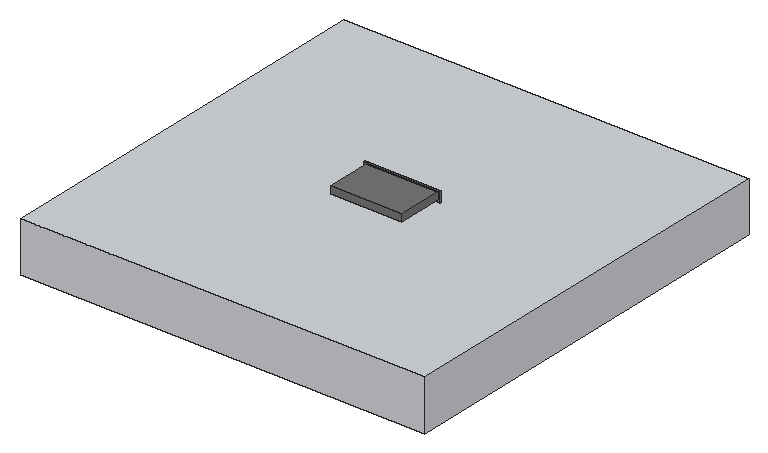
Revit family "r2016_omelta_ariya-ts-bro-rm-2-120", category Устройства вызова и оповещения, Revit 2016
Family settings
  Основа = Грань
  Сохранять ориентацию аннотаций = Да
  Тип детали = Нормальный
  Размер круглого соединителя = Использовать диаметр
  При загрузке вырезать с полостями = Нет
  Общий = Нет
  Точка расчета площади = Нет
Parameters (values of type "АРИЯ-ТС-БРО-РМ-2-120")
  Стоимость = 0
  Разработано [instance] = "«support@bimlib.ru»"  # constant formula
  Default Elevation = 2600 mm
  Изготовитель = "ООО «Электротехника и Автоматика»"  # constant formula
  Z [instance] = 1000 mm
  Y [instance] = 1100 mm
  X [instance] = 1000 mm
  URL = "https://omelta.com/store/163-ariya_ts_bro_rm_2_120/"
  ADSK_Этаж [instance] = ""
  ADSK_Ток = 1.82 A
  ADSK_Примечание [instance] = ""
  ADSK_Позиция [instance] = ""
  ADSK_Обозначение [instance] = "АРИЯ-ТС-БРО-РМ-2-120"
  ADSK_Номинальная мощность = ADSK_Напряжение * ADSK_Ток  # 400.4 VA
  ADSK_Напряжение = 220 V
  ADSK_Наименование [instance] = "Блок речевого оповещателя, IP 40"
  ADSK_Масса [instance] = 4
  ADSK_Марка [instance] = ADSK_Обозначение  # "АРИЯ-ТС-БРО-РМ-2-120"
  ADSK_Коэффициент мощности = 0
  ADSK_Код изделия [instance] = "ТУ 4372-015-49518441-15"
  ADSK_Классификация нагрузок = none
  ADSK_Завод-изготовитель [instance] = "ООО «Электротехника и Автоматика»"  # constant formula
  ADSK_Единица измерения = "шт."
Reference planes
  plane 1 "По центру (Вперед/Назад)": y = 0
  plane 2: z = 0
  plane 3 "По центру (Влево/Вправо)": x = 0
  plane 4: z = -1000
  plane 5: x = 1000
  plane 6: y = 1000
Forms (mm)
  Extrusion 1, solid
    sketch origin (0, 0, 0) x (1, 0, 0) y (0, 1, 0)
      loop
        line (-1219.2, 1219.2) -> (-1219.2, -1219.2) -> (1219.2, -1219.2) -> (1219.2, 1219.2) -> (-1219.2, 1219.2)
    from 0 to -304.8
  Extrusion 2, solid, material "По умолчанию", detail levels medium+fine
    sketch origin (0, 282.697, -153.3) x (0, 1, 0) y (0, 0, 1)
      loop
        line (-148.197, 206.3) -> (-420.197, 206.3) -> (-420.197, 161.3) -> (-148.197, 161.3) -> (-148.197, 206.3)
    from -215 to 215
  Extrusion 3, solid, material "По умолчанию", not visible, detail levels medium+fine
    sketch origin (0, 0, -26) x (0, 1, 0) y (0, 0, 1)
      loop
        line (-148.197, 206.3) -> (-420.197, 206.3) -> (-420.197, 161.3) -> (-148.197, 161.3) -> (-148.197, 206.3)
    from -215 to 215
  Extrusion 4, solid, material "По умолчанию", detail levels fine
    sketch origin (0, 0, -27) x (1, 0, 0) y (0, 0, 1)
      loop
        line (-230, 27) -> (230, 27) -> (230, 88) -> (-230, 88) -> (-230, 27)
    from -134.5 to -137.485
  Extrusion 5, solid, material "По умолчанию", not visible, detail levels fine
    sketch origin (0, -282.697, 100.3) x (1, 0, 0) y (0, 0, 1)
      loop
        line (-230, 27) -> (230, 27) -> (230, 88) -> (-230, 88) -> (-230, 27)
    from -134.5 to -137.485
Lines and regions (mm)
  model lines, detail levels coarse
    curve 1: line (79.962, 0, 200) -> (-79.962, 0, 200)
    curve 2: line (-34, 0, 100) -> (34, 0, 100)
    curve 13: line (-79.962, 0, 200) -> (-79.962, 0, 100)
    curve 14: line (-79.962, 0, 100) -> (79.962, 0, 100)
    curve 15: line (-79.962, 0, 150) -> (79.962, 0, 150)
    curve 16: line (-79.962, 0, 145) -> (79.962, 0, 145)
    curve 17: line (-79.962, 0, 140) -> (79.962, 0, 140)
    curve 18: line (-79.962, 0, 135) -> (79.962, 0, 135)
    curve 19: line (-79.962, 0, 130) -> (79.962, 0, 130)
    curve 20: line (-79.962, 0, 125) -> (79.962, 0, 125)
    curve 21: line (-79.962, 0, 120) -> (79.962, 0, 120)
    curve 22: line (-79.962, 0, 115) -> (79.962, 0, 115)
    curve 23: line (-79.962, 0, 110) -> (79.962, 0, 110)
    curve 24: line (-79.962, 0, 105) -> (79.962, 0, 105)
    curve 25: line (-79.962, 0, 100) -> (79.962, 0, 100)
  model lines, not visible, detail levels coarse
    curve 3: line (79.962, 0, 293.803) -> (-79.962, 0, 293.803)
    curve 4: line (-34, 0, 193.803) -> (34, 0, 193.803)
    curve 27: line (-79.962, 0, 293.803) -> (-79.962, 0, 193.803)
    curve 28: line (-79.962, 0, 193.803) -> (79.962, 0, 193.803)
    curve 29: line (-79.962, 0, 243.803) -> (79.962, 0, 243.803)
    curve 30: line (-79.962, 0, 238.803) -> (79.962, 0, 238.803)
    curve 31: line (-79.962, 0, 233.803) -> (79.962, 0, 233.803)
    curve 32: line (-79.962, 0, 228.803) -> (79.962, 0, 228.803)
    curve 33: line (-79.962, 0, 223.803) -> (79.962, 0, 223.803)
    curve 34: line (-79.962, 0, 218.803) -> (79.962, 0, 218.803)
    curve 35: line (-79.962, 0, 213.803) -> (79.962, 0, 213.803)
    curve 36: line (-79.962, 0, 208.803) -> (79.962, 0, 208.803)
    curve 37: line (-79.962, 0, 203.803) -> (79.962, 0, 203.803)
    curve 38: line (-79.962, 0, 198.803) -> (79.962, 0, 198.803)
    curve 39: line (-79.962, 0, 193.803) -> (79.962, 0, 193.803)
  model lines, style "InvisibleLines", not visible, detail levels coarse
    curve 5: line (79.962, 0, 100) -> (-79.962, 0, 100)
    curve 6: line (0, 0, 163.197) -> (0, 0, 100)
    curve 7: line (79.962, 0, 193.803) -> (-79.962, 0, 193.803)
    curve 8: line (0, 0, 257) -> (0, 0, 193.803)
  reference lines
    curve 9: line (34, 0, 100) -> (-41, 0, 100)
    curve 10: line (0, 0, 100) -> (0, 0, 175)
    curve 11: line (83.147, 0, 34.666) -> (-101.853, 0, 34.666)
  model lines, style "NurseCallDevices", detail levels coarse
    curve 12: line (79.962, 0, 200) -> (79.962, 0, 100)
  model lines, style "NurseCallDevices", not visible, detail levels coarse
    curve 26: line (79.962, 0, 293.803) -> (79.962, 0, 193.803)
Dimensions and locks
  "Y": curve 9 to plane 4
  "X": plane 5 to curve 10
  "Z": curve 11 to plane 6
  aligned and locked: plane 2 to Extrusion 1
  aligned and locked: level to Extrusion 1
  aligned and locked: curve 5 to curve 2
  aligned and locked: curve 7 to curve 4
  aligned and locked: curve 5 to curve 9
  aligned and locked: curve 10 to curve 6
  aligned and locked: curve 11 to curve 2
Automatic sketch dimensions
  Extrusion 1 sketch curve to Extrusion 1 sketch curve = 2438.4 mm  (x2)
  Extrusion 2 sketch curve to Extrusion 2 sketch curve = 272 mm
  Extrusion 2 sketch curve to Extrusion 2 sketch curve = 45 mm
  Extrusion 4 sketch curve to Extrusion 4 sketch curve = 460 mm
  Extrusion 4 sketch curve to Extrusion 4 sketch curve = 61 mm
  Extrusion 3 sketch curve to Extrusion 3 sketch curve = 272 mm
  Extrusion 3 sketch curve to Extrusion 3 sketch curve = 45 mm
  Extrusion 5 sketch curve to Extrusion 5 sketch curve = 460 mm
  Extrusion 5 sketch curve to Extrusion 5 sketch curve = 61 mm
  curve 11 to plane 3 "По центру (Влево/Вправо)" = 101.853 mm
  plane 3 "По центру (Влево/Вправо)" to curve 11 = 83.147 mm
  curve 9 to curve 10 = 41 mm
  plane 3 "По центру (Влево/Вправо)" to curve 9 = 34 mm
  curve 10 to curve 10 = 75 mm
  curve 1 to curve 2 = 45.962 mm
  curve 2 to curve 2 = 68 mm
  curve 2 to curve 1 = 100 mm
  curve 2 to curve 1 = 45.962 mm
  curve 5 to curve 14 = 159.924 mm
  curve 6 to curve 15 = 79.962 mm
  curve 25 to curve 24 = 5 mm
  curve 24 to curve 23 = 5 mm
  curve 23 to curve 22 = 5 mm
  curve 22 to curve 21 = 5 mm
  curve 21 to curve 20 = 5 mm
  curve 20 to curve 19 = 5 mm
  curve 19 to curve 18 = 5 mm
  curve 18 to curve 17 = 5 mm
  curve 17 to curve 16 = 5 mm
  curve 16 to curve 15 = 5 mm
  curve 6 to curve 6 = 63.197 mm
  curve 15 to curve 12 = 50 mm
  curve 15 to curve 13 = 50 mm
  curve 3 to curve 4 = 45.962 mm
  curve 4 to curve 4 = 68 mm
  curve 4 to curve 3 = 100 mm
  curve 4 to curve 3 = 45.962 mm
  curve 7 to curve 28 = 159.924 mm
  curve 8 to curve 29 = 79.962 mm
  curve 39 to curve 38 = 5 mm
  curve 38 to curve 37 = 5 mm
  curve 37 to curve 36 = 5 mm
  curve 36 to curve 35 = 5 mm
  curve 35 to curve 34 = 5 mm
  curve 34 to curve 33 = 5 mm
  curve 33 to curve 32 = 5 mm
  curve 32 to curve 31 = 5 mm
  curve 31 to curve 30 = 5 mm
  curve 30 to curve 29 = 5 mm
  curve 8 to curve 8 = 63.197 mm
  curve 29 to curve 26 = 50 mm
  curve 29 to curve 27 = 50 mm
Connectors
  electrical at (0, -1.5, 8)
    settings: on Extrusion 2, index 1, voltage 0 V, apparent load 0 VA, apparent load phase1 0 VA, apparent load phase2 0 VA, apparent load phase3 0 VA, power factor 1, load classification "Прочее", number of poles 1, system type 12, power factor state 1, is connector primary yes, connector utility yes, sub classification motor no, connector description ""
